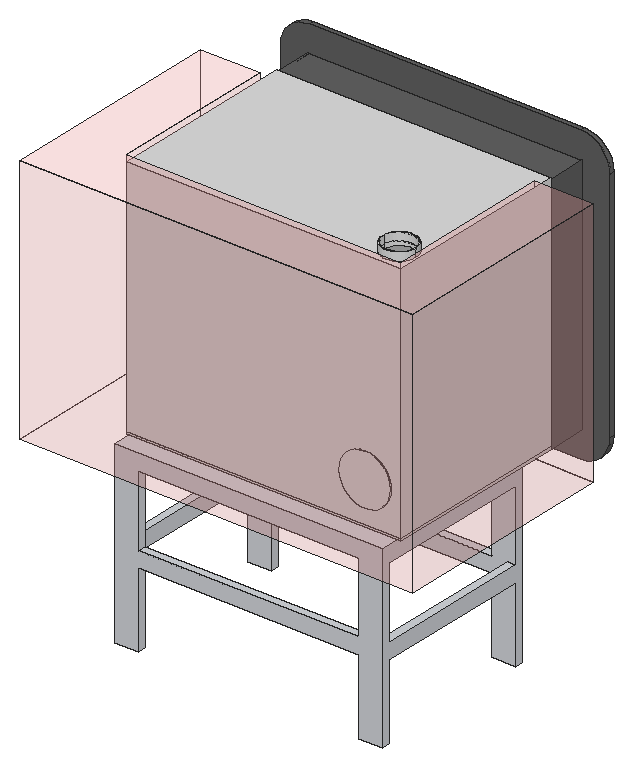
Revit family "FOGO MONTANHA-SQUARE D-GLASS DOOR-R19-V00", category Mechanical Equipment, host Wall, Revit 2019
Family settings
  Host = Wall
  Round Connector Dimension = Use Diameter
  Part Type = Normal
  OmniClass Number = 23.19.17.00
  Always vertical = Yes
  Cut with Voids When Loaded = No
  Shared = No
  Room Calculation Point = No
Parameters (values of type "Glass Door-4 Sided Black Steel Frame 74mm Rounded Corners")
  r_SmallDuct_Top = Diameter / 2  # 50 mm
  r_CentralDuct_Top = F / 2  # 40 mm
  r_Duct_back = 65 mm
  V = 189
  Support Table [instance] = yes
  Pu = 6.6
  Power = 8.3 kW
  Pn = 8.3
  P = 114
  Glass = Fogo Montanha-Glass
  Frame Type = FOGO MONTANHA-SQUARE D-FRAME : 4 Sides-74mm-Black Steel Rounded Corners
  Electrical Power = 106 W
  Electric tension = 230 V
  Efficiency at nominal power = "90%"
  Door_Offset_Top = 90 mm  # constant formula
  Door_Glass_Offset = 156.5 mm  # constant formula
  Diameter = 100 mm
  Dark Glass = Fogo Montanha-Dark Glass
  URL = "https:\\\\welcome.fogo-montanha.com/pesquisar/PA2016N047"
  Door_Position = 5 mm  # constant formula
  Door = Fogo Montanha-Black Steel
  Offset_Door-Frame = 5 mm
  Model = "Square D"  # constant formula
  Manufacturer URL = "www.fogo-montanha.com"
  Manufacturer = "Fogo Montanha"  # constant formula
  Height from Level [instance] = 450 mm
  Version = "v00"  # constant formula
  Uniformat II Description = "Heat Generating Systems"  # constant formula
  Uniformat II Code = "D3020"  # constant formula
  Uniclass 2015 Name = "Space heaters"  # constant formula
  Uniclass 2015 Code = "TE_70_10_20_80"  # constant formula
  Uniclass 2.0 Description = "Space Heating And Cooling Products"  # constant formula
  Uniclass 2.0 Code = "PR-70-60-36-74"  # constant formula
  Uniclass 1.4 Description = "Fireplaces"  # constant formula
  Uniclass 1.4 Code = "L828"  # constant formula
  UNSPSC Description = "Space Heaters"  # constant formula
  UNSPSC Code = "40101819"  # constant formula
  Reference = "PA2019P047"
  Publication date = "08/2022"  # constant formula
  Number of Poles = 1
  NBS Reference Description = "Room Heaters"  # constant formula
  NBS Reference Code = "60-36-74"  # constant formula
  Masterformat 2014 Description = "Fireplaces and Stoves"  # constant formula
  Masterformat 2014 Code = "10 30 00"  # constant formula
  K = B + 10 mm  # 611 mm
  J = A + 5 mm  # 693 mm
  IfcExportType = "IfcSpaceHeaterType"  # constant formula
  IfcExportAs = "IfcSpaceHeater"  # constant formula
  G = 517 mm
  F = 80 mm
  Offset_Duct_Back = 90 mm
  Clearance Zone Visible [instance] = yes
  Clearance Zone = 150 mm
  Cl = 2.8
  CO2 = 8.6
  CO 13% O2 = 0.01
  Aux_Duct_Top = 120 mm
  Det_Door = -1 mm
  Description = "Os inseríveis a pellets oferecem-lhe toda a comodidade de uma solução de aquecimento moderna, integrando a mais recente tecnologia. Com controlo remoto incluído, possibilidade de controlo através de smartphone, opções de aros de acabamento, display programável e porta com sistema de limpeza. Uma combustão perfeita."  # constant formula
  D = 573 mm
  Body = Fogo Montanha-Steel Galvanized
  Base_Offset [instance] = if(and(Height from Level < 300 mm, Support Table), 300 mm, if(and(Height from Level > 545 mm, Support Table), 545 mm, Height from Level))  # 450 mm
  E = B  # 601 mm
  C = A  # 688 mm
  BIM Modeler URL = "www.stratbim.com"
  BIM Modeler = "StratBIM"
  B = 601 mm
  Assembly Code = "D3020"
  A = 688 mm
Types (5, lengths in mm): name | Frame Type
  Glass Door-4 Sided Black Steel Frame 74mm Rounded Corners | FOGO MONTANHA-SQUARE D-FRAME : 4 Sides-74mm-Black Steel Rounded Corners
  Glass Door-4 Sided Black Steel Frame 44mm | FOGO MONTANHA-SQUARE D-FRAME : 4 Sides-44mm-Black Steel
  Glass Door-3 Sided Black Steel Frame 44mm | FOGO MONTANHA-SQUARE D-FRAME : 3 Sides-44mm-Black Steel
  Glass Door-4 Sided Glass Frame 50mm | FOGO MONTANHA-SQUARE D-FRAME : 4 Sides-50mm-Glass
  Glass Door-4 Sided Glass Frame 74mm Rounded Corners | FOGO MONTANHA-SQUARE D-FRAME : 4 Sides-74mm-Glass Rounded Corners
Reference planes
  plane 1 "Wall": y = 0
  plane 2 "Center (Left/Right)": x = 0
  plane 3 "Front": y = 75
  plane 4 "2": x = 344
  plane 5 "3": x = -344
  plane 6 "4": x = -344
  plane 7 "5": x = 344
  plane 8 "6": x = -346.5
  plane 9 "7": x = 346.5
  plane 10 "K'": z = 1061
  plane 11 "K": z = 450
  plane 12: y = -200
  plane 13: y = -498
  plane 14 "8": x = -50
  plane 15 "9": x = 50
  plane 16 "10": x = 256.5
  plane 17: z = 755.5
  plane 18 "B'": z = 1056
  plane 19 "B": z = 455
  plane 20 "E'": z = 1056
  plane 21 "E": z = 455
  plane 22 "L": z = 558.7
  plane 23: y = -46
  plane 24 "M": x = -226.5
  plane 25 "M'": x = 226.5
  plane 26: z = 462
  plane 27 "S": x = -341.5
  plane 28 "T": x = 341.5
  plane 29 "U": x = 336.5
  plane 30 "V": x = -336.5
  plane 31: z = 946
  plane 32: z = 463.5
  plane 33: z = 620
  plane 34: z = 856
  plane 35 "W": x = 180
  plane 36 "X": x = -180
  plane 37: y = -448
  plane 38 "Y": x = 100
  plane 39 "AA": x = -100
  plane 40: y = 87
  plane 41 "BB": z = 1081
  plane 42 "Origin": z = 0
  plane 43: y = -25
  plane 44: z = 956
  plane 45: y = 65
  plane 46: y = 55
  plane 47: y = -442
  plane 48 "DD": x = 297.5
Forms (mm)
  Extrusion 1, solid, material "Fogo Montanha-Steel Galvanized" <- "Body", detail levels coarse
    sketch origin (0, 75, 0) x (1, 0, 0) y (0, 0, 1)
      loop
        line (346.5, 455) -> (346.5, 1056) -> (-346.5, 1056) -> (-346.5, 455) -> (346.5, 455)
    from 0 to 573
  Extrusion 2, solid, material "Fogo Montanha-Steel Galvanized" <- "Body", detail levels medium+fine
    sketch origin (-346.5, 0, 0) x (0, 1, 0) y (0, 0, 1)
      loop
        line (-25, 455) -> (-25, 1056) -> (-200, 1056) -> (-498, 1056) -> (-498, 455) -> (-25, 455)
    from 0 to 2.5
  Extrusion 3, solid, material "Fogo Montanha-Steel Galvanized" <- "Body", detail levels medium+fine
    sketch origin (346.5, 30, 0) x (0, 1, 0) y (0, 0, -1)
      loop
        line (-55, -455) -> (-528, -455) -> (-528, -1056) -> (-230, -1056) -> (-55, -1056) -> (-55, -455)
    from 0 to 2.5
  Extrusion 4, solid, material "Fogo Montanha-Steel Galvanized" <- "Body", detail levels medium+fine
    sketch origin (1420, -498, 1200) x (1, 0, 0) y (0, 0, 1)
      loop
        line (-1076, -745) -> (-1076, -144) -> (-1764, -144) -> (-1764, -745) -> (-1076, -745)
    from 0 to -8
  Extrusion 5, solid, material "Fogo Montanha-Steel Galvanized" <- "Body", detail levels medium+fine
    sketch origin (2348.699, 225, 1056) x (1, 0, 0) y (0, 1, 0)
      loop
        line (-2695.199, -250) -> (-2695.199, -723) -> (-2002.199, -723) -> (-2002.199, -250) -> (-2695.199, -250)
      loop
        circle (-2051.199, -667) r 40
    from 10 to 0
  Extrusion 6, solid, material "Fogo Montanha-Steel Galvanized" <- "Body", detail levels medium+fine
    sketch origin (2348.699, 225, 455) x (1, 0, 0) y (0, 1, 0)
      loop
        line (-2695.199, -250) -> (-2695.199, -723) -> (-2002.199, -723) -> (-2002.199, -250) -> (-2695.199, -250)
    from -5 to 0
  Extrusion 7, solid, material "Fogo Montanha-Steel Galvanized" <- "Body", detail levels medium+fine
    sketch origin (1420, -498, 1200) x (1, 0, 0) y (0, 0, 1)
      loop
        circle (-1163.5, -641.3) r 65
    from 0 to 1
  Extrusion 8, solid, material "Fogo Montanha-Dark Glass" <- "Dark Glass", detail levels medium+fine
    sketch origin (0, 75, 0) x (1, 0, 0) y (0, 0, 1)
      loop
        line (336.5, 463.5) -> (336.5, 946) -> (-336.5, 946) -> (-336.5, 463.5) -> (336.5, 463.5)
      loop
        line (180, 620) -> (180, 856) -> (-180, 856) -> (-180, 620) -> (180, 620)
    from 0 to -0.8
  Extrusion 9, solid, material "Fogo Montanha-Vermiculite", detail levels medium+fine
    sketch origin (-226.5, 0, 0) x (0, 1, 0) y (0, 0, 1)
      loop
        line (0, 463.5) -> (0, 856) -> (-200, 856) -> (-448, 755.5) -> (-448, 463.5) -> (0, 463.5)
    from 0 to -8.5
  Extrusion 10, solid, material "Fogo Montanha-Vermiculite", detail levels medium+fine
    sketch origin (226.5, 0, 0) x (0, 1, 0) y (0, 0, -1)
      loop
        line (0, -463.5) -> (-448, -463.5) -> (-448, -755.5) -> (-200, -856) -> (0, -856) -> (0, -463.5)
    from 0 to -8.5
  Extrusion 11, solid, material "Fogo Montanha-Vermiculite", detail levels medium+fine
    sketch origin (1420, -448, 1200) x (1, 0, 0) y (0, 0, 1)
      loop
        line (-1193.5, -736.5) -> (-1193.5, -444.5) -> (-1655, -444.5) -> (-1655, -736.5) -> (-1193.5, -736.5)
    from 0 to -8.5
  Extrusion 12, solid, material "Fogo Montanha-Vermiculite", detail levels medium+fine
    sketch origin (0, 0, 0) x (0, 1, 0) y (0, 0, 1)
      loop
        line (-200, 856) -> (-448, 755.5) -> (-437.009, 755.5) -> (-200, 842.592) -> (-200, 856)
    from -226.5 to 226.5
  Extrusion 13, solid, material "Fogo Montanha-Vermiculite", detail levels medium+fine
    sketch origin (2348.699, 225, 463.5) x (1, 0, 0) y (0, 1, 0)
      loop
        line (-2583.699, -225) -> (-2583.699, -673) -> (-2113.699, -673) -> (-2113.699, -225) -> (-2583.699, -225)
      loop
        line (-2248.699, -271) -> (-2448.699, -271) -> (-2448.699, -425) -> (-2248.699, -425) -> (-2248.699, -271)
    from 0 to 10
  Extrusion 14, solid, material "Fogo Montanha-Steel Galvanized", detail levels medium+fine
    sketch origin (2348.699, 225, 463.5) x (1, 0, 0) y (0, 1, 0)
      loop
        line (-2248.699, -271) -> (-2448.699, -271) -> (-2448.699, -425) -> (-2248.699, -425) -> (-2248.699, -271)
      loop
        line (-2435.699, -300) -> (-2361.699, -300)
        arc (-2361.699, -300) -> (-2359.578, -299.121) -> (-2358.699, -297) r 3
        line (-2358.699, -297) -> (-2358.699, -284)
        arc (-2358.699, -284) -> (-2359.578, -281.879) -> (-2361.699, -281) r 3
        line (-2361.699, -281) -> (-2435.699, -281)
        arc (-2435.699, -281) -> (-2437.82, -281.879) -> (-2438.699, -284) r 3
        line (-2438.699, -284) -> (-2438.699, -297)
        arc (-2438.699, -297) -> (-2437.82, -299.121) -> (-2435.699, -300) r 3
      loop
        arc (-2261.699, -300) -> (-2259.578, -299.121) -> (-2258.699, -297) r 3
        line (-2258.699, -297) -> (-2258.699, -284)
        arc (-2258.699, -284) -> (-2259.578, -281.879) -> (-2261.699, -281) r 3
        line (-2261.699, -281) -> (-2335.699, -281)
        arc (-2335.699, -281) -> (-2337.82, -281.879) -> (-2338.699, -284) r 3
        line (-2338.699, -284) -> (-2338.699, -297)
        arc (-2338.699, -297) -> (-2337.82, -299.121) -> (-2335.699, -300) r 3
        line (-2335.699, -300) -> (-2261.699, -300)
      loop
        line (-2435.699, -329) -> (-2361.699, -329)
        arc (-2361.699, -329) -> (-2359.578, -328.121) -> (-2358.699, -326) r 3
        line (-2358.699, -326) -> (-2358.699, -313)
        arc (-2358.699, -313) -> (-2359.578, -310.879) -> (-2361.699, -310) r 3
        line (-2361.699, -310) -> (-2435.699, -310)
        arc (-2435.699, -310) -> (-2437.82, -310.879) -> (-2438.699, -313) r 3
        line (-2438.699, -313) -> (-2438.699, -326)
        arc (-2438.699, -326) -> (-2437.82, -328.121) -> (-2435.699, -329) r 3
      loop
        arc (-2261.699, -329) -> (-2259.578, -328.121) -> (-2258.699, -326) r 3
        line (-2258.699, -326) -> (-2258.699, -313)
        arc (-2258.699, -313) -> (-2259.578, -310.879) -> (-2261.699, -310) r 3
        line (-2261.699, -310) -> (-2335.699, -310)
        arc (-2335.699, -310) -> (-2337.82, -310.879) -> (-2338.699, -313) r 3
        line (-2338.699, -313) -> (-2338.699, -326)
        arc (-2338.699, -326) -> (-2337.82, -328.121) -> (-2335.699, -329) r 3
        line (-2335.699, -329) -> (-2261.699, -329)
      loop
        line (-2435.699, -358) -> (-2361.699, -358)
        arc (-2361.699, -358) -> (-2359.578, -357.121) -> (-2358.699, -355) r 3
        line (-2358.699, -355) -> (-2358.699, -342)
        arc (-2358.699, -342) -> (-2359.578, -339.879) -> (-2361.699, -339) r 3
        line (-2361.699, -339) -> (-2435.699, -339)
        arc (-2435.699, -339) -> (-2437.82, -339.879) -> (-2438.699, -342) r 3
        line (-2438.699, -342) -> (-2438.699, -355)
        arc (-2438.699, -355) -> (-2437.82, -357.121) -> (-2435.699, -358) r 3
      loop
        arc (-2261.699, -358) -> (-2259.578, -357.121) -> (-2258.699, -355) r 3
        line (-2258.699, -355) -> (-2258.699, -342)
        arc (-2258.699, -342) -> (-2259.578, -339.879) -> (-2261.699, -339) r 3
        line (-2261.699, -339) -> (-2335.699, -339)
        arc (-2335.699, -339) -> (-2337.82, -339.879) -> (-2338.699, -342) r 3
        line (-2338.699, -342) -> (-2338.699, -355)
        arc (-2338.699, -355) -> (-2337.82, -357.121) -> (-2335.699, -358) r 3
        line (-2335.699, -358) -> (-2261.699, -358)
      loop
        line (-2435.699, -387) -> (-2361.699, -387)
        arc (-2361.699, -387) -> (-2359.578, -386.121) -> (-2358.699, -384) r 3
        line (-2358.699, -384) -> (-2358.699, -371)
        arc (-2358.699, -371) -> (-2359.578, -368.879) -> (-2361.699, -368) r 3
        line (-2361.699, -368) -> (-2435.699, -368)
        arc (-2435.699, -368) -> (-2437.82, -368.879) -> (-2438.699, -371) r 3
        line (-2438.699, -371) -> (-2438.699, -384)
        arc (-2438.699, -384) -> (-2437.82, -386.121) -> (-2435.699, -387) r 3
      loop
        arc (-2261.699, -387) -> (-2259.578, -386.121) -> (-2258.699, -384) r 3
        line (-2258.699, -384) -> (-2258.699, -371)
        arc (-2258.699, -371) -> (-2259.578, -368.879) -> (-2261.699, -368) r 3
        line (-2261.699, -368) -> (-2335.699, -368)
        arc (-2335.699, -368) -> (-2337.82, -368.879) -> (-2338.699, -371) r 3
        line (-2338.699, -371) -> (-2338.699, -384)
        arc (-2338.699, -384) -> (-2337.82, -386.121) -> (-2335.699, -387) r 3
        line (-2335.699, -387) -> (-2261.699, -387)
      loop
        line (-2435.699, -416) -> (-2361.699, -416)
        arc (-2361.699, -416) -> (-2359.578, -415.121) -> (-2358.699, -413) r 3
        line (-2358.699, -413) -> (-2358.699, -400)
        arc (-2358.699, -400) -> (-2359.578, -397.879) -> (-2361.699, -397) r 3
        line (-2361.699, -397) -> (-2435.699, -397)
        arc (-2435.699, -397) -> (-2437.82, -397.879) -> (-2438.699, -400) r 3
        line (-2438.699, -400) -> (-2438.699, -413)
        arc (-2438.699, -413) -> (-2437.82, -415.121) -> (-2435.699, -416) r 3
      loop
        arc (-2261.699, -416) -> (-2259.578, -415.121) -> (-2258.699, -413) r 3
        line (-2258.699, -413) -> (-2258.699, -400)
        arc (-2258.699, -400) -> (-2259.578, -397.879) -> (-2261.699, -397) r 3
        line (-2261.699, -397) -> (-2335.699, -397)
        arc (-2335.699, -397) -> (-2337.82, -397.879) -> (-2338.699, -400) r 3
        line (-2338.699, -400) -> (-2338.699, -413)
        arc (-2338.699, -413) -> (-2337.82, -415.121) -> (-2335.699, -416) r 3
        line (-2335.699, -416) -> (-2261.699, -416)
    from 0 to 10
  Extrusion 15, solid, material "Fogo Montanha-Black Steel" <- "Door", detail levels medium+fine
    sketch origin (0, 75, 0) x (1, 0, 0) y (0, 0, 1)
      loop
        line (336.5, 463.5) -> (336.5, 946) -> (-336.5, 946) -> (-336.5, 463.5) -> (-334.5, 463.5) -> (-334.5, 944) -> (334.5, 944) -> (334.5, 463.5) -> (336.5, 463.5)
    from 0 to 100
  Extrusion 16, solid, material "Fogo Montanha-Dark Glass", detail levels medium+fine
    sketch origin (1420, -25, 1200) x (1, 0, 0) y (0, 0, 1)
      loop
        line (-1083.5, -736.5) -> (-1083.5, -254) -> (-1756.5, -254) -> (-1756.5, -736.5) -> (-1083.5, -736.5)
      loop
        line (-1076, -745) -> (-1076, -141) -> (-1764, -141) -> (-1764, -745) -> (-1076, -745)
    from 0 to 10
  Extrusion 17, solid, material "Fogo Montanha-Black Steel", detail levels medium+fine
    sketch origin (0, 75, 0) x (1, 0, 0) y (0, 0, 1)
      loop
        line (336.5, 461.5) -> (336.5, 946) -> (-336.5, 946) -> (-336.5, 461.5) -> (336.5, 461.5)
      loop
        line (334.5, 463.5) -> (334.5, 944) -> (-334.5, 944) -> (-334.5, 463.5) -> (334.5, 463.5)
    from 0 to 100
  Extrusion 18, solid, material "Fogo Montanha-Black Steel"
    sketch origin (0, 75, 0) x (1, 0, 0) y (0, 0, 1)
      loop
        line (346, 450) -> (346, 1061) -> (-346, 1061) -> (-346, 450) -> (346, 450)
      loop
        line (344, 455) -> (344, 1059) -> (-344, 1059) -> (-344, 455) -> (344, 455)
    from 0 to 100
  Extrusion 19, solid, material "Fogo Montanha-Dark Glass", detail levels medium+fine
    sketch origin (0, 75, 0) x (1, 0, 0) y (0, 0, 1)
      loop
        line (336.5, 463.5) -> (336.5, 946) -> (-336.5, 946) -> (-336.5, 463.5) -> (336.5, 463.5)
      loop
        line (-180, 620) -> (180, 620) -> (180, 856) -> (-180, 856) -> (-180, 620)
    from 0 to 2
  Extrusion 20, solid, material "Fogo Montanha-Glass" <- "Glass", detail levels medium+fine
    sketch origin (0, 75, 0) x (1, 0, 0) y (0, 0, 1)
      loop
        line (180, 620) -> (180, 856) -> (-180, 856) -> (-180, 620) -> (180, 620)
    from 0 to 2
  Sweep 21, solid, material "Fogo Montanha-Steel Galvanized", detail levels medium+fine
    path origin (0, 75, 0) x (1, 0, 0) y (0, 0, 1)
      loop
        line (336.5, 463.5) -> (336.5, 946) -> (-336.5, 946) -> (-336.5, 463.5) -> (336.5, 463.5)
    profile origin (336.5, 75, 704.75) x (-1, 0, 0) y (0, -1, 0)
      loop
        line (9, 0) -> (0, 0) -> (0, 2) -> (-1, 2) -> (-1, -1) -> (9, -1) -> (9, 0)
  Extrusion 22, solid, material "Fogo Montanha-Dark Glass", detail levels medium+fine
    sketch origin (0, 0, 0) x (0, 1, 0) y (0, 0, 1)
      loop
        line (55, 1056) -> (55, 956) -> (65, 956) -> (65, 966) -> (75, 966) -> (75, 968) -> (65, 968) -> (65, 976) -> (75, 976) -> (75, 978) -> (65, 978) -> (65, 986) -> (75, 986) -> (75, 988) -> (65, 988) -> (65, 996) -> (75, 996) -> (75, 998) -> (65, 998) -> (65, 1006) -> (75, 1006) -> (75, 1008) -> (65, 1008) -> (65, 1016) -> (75, 1016) -> (75, 1018) -> (65, 1018) -> (65, 1026) -> (75, 1026) -> (75, 1028) -> (65, 1028) -> (65, 1036) -> (75, 1036) -> (75, 1038) -> (65, 1038) -> (65, 1046) -> (75, 1046) -> (75, 1048) -> (65, 1048) -> (65, 1056) -> (55, 1056)
    from -336.5 to 336.5
  Extrusion 23, solid, material "Fogo Montanha-Black Steel", detail levels medium+fine
    sketch origin (-5000, 0, 0) x (1, 0, 0) y (0, 0, 1)
      loop
        line (5336.5, 463.5) -> (5336.5, 946) -> (4663.5, 946) -> (4663.5, 463.5) -> (5336.5, 463.5)
      loop
        line (5180, 620) -> (5180, 856) -> (4820, 856) -> (4820, 620) -> (5180, 620)
    from 0 to -0.8
  Extrusion 24, solid, visible <- "Clearance Zone Visible"
    sketch origin (2348.699, 225, 0) x (1, 0, 0) y (0, 1, 0)
      loop
        line (-2845.199, -300) -> (-2845.199, -873) -> (-1852.199, -873) -> (-1852.199, -300) -> (-2002.199, -300) -> (-2002.199, -723) -> (-2695.199, -723) -> (-2695.199, -300) -> (-2845.199, -300)
    from 450 to 1081
  Extrusion 25, solid, material "Fogo Montanha-Steel", detail levels medium+fine
    sketch origin (0, -2690.487, 779.423) x (0, 1, 0) y (0, 0, 1)
      loop
        line (2606.87, 76.577) -> (2635.87, 105.577) -> (2635.87, 113.577) -> (2633.87, 113.577) -> (2633.87, 106.405) -> (2606.041, 78.577) -> (2502.406, 78.577) -> (2482.406, 90.124) -> (2431.87, 90.124) -> (2431.87, 88.124) -> (2481.87, 88.124) -> (2501.87, 76.577) -> (2606.87, 76.577)
    from -150 to 150
  Extrusion 26, solid, material "Fogo Montanha-Steel Galvanized" <- "Body"
    sketch origin (2348.699, 225, 1056) x (1, 0, 0) y (0, 1, 0)
      loop
        circle (-2051.199, -667) r 40
      loop
        circle (-2051.199, -667) r 42
    from 10 to 30
Cuts and joins
  joined: Extrusion 9, Extrusion 10, Extrusion 12, Extrusion 13
  joined: Extrusion 2, Extrusion 3, Extrusion 4, Extrusion 5
Lines and regions (mm)
  Opening 1
    outline origin (-5000, -75, 0) x (1, 0, 0) y (0, 0, 1)
      loop
        line (4653.5, 450) -> (5346.5, 450) -> (5346.5, 1061) -> (4653.5, 1061) -> (4653.5, 450)
  reference lines
    curve 1: circle (256.5, 75, 558.7) r 65 normal (0, -1, 0)
    curve 2: circle (-226.5, -46, 1056) r 50 normal (0, 0, 1)
    curve 3: circle (226.5, -46, 1056) r 50 normal (0, 0, 1)
Text (mm)
  text "Placement side" at (-1304.494, 278.82, 0), in view "Ref. Level"
  text "Placement side" at (0, 1334.055, 2976.191), in view "Left"
  text "Placement side" at (0, 439.194, 2944.362), in view "Right"
Dimensions and locks
  locked: plane 3 "Front" to host wall at 0
  "C": plane 4 "2" to plane 5 "3"
  equal spacing: plane 4 "2", plane 2 "Center (Left/Right)", plane 5 "3"
  equal spacing: plane 7 "5", plane 2 "Center (Left/Right)", plane 6 "4"
  "A": plane 7 "5" to plane 6 "4"
  equal spacing: plane 9 "7", plane 2 "Center (Left/Right)", plane 8 "6"
  "J": plane 8 "6" to plane 9 "7"
  "K": plane 11 "K" to plane 10 "K'"
  "Base_Offset": level to plane 11 "K"
  equal spacing: plane 14 "8", plane 2 "Center (Left/Right)", plane 15 "9"
  plane 14 "8" to plane 15 "9" = 100 mm
  equal spacing: plane 11 "K", plane 17, plane 10 "K'"
  equal spacing: plane 19 "B", plane 17, plane 18 "B'"
  "B": plane 19 "B" to plane 18 "B'"
  "Offset_Duct_Back": plane 9 "7" to plane 16 "10"
  locked: plane 11 "K" to plane 22 "L" at 108.7
  "Aux_Duct_Top": plane 8 "6" to plane 24 "M"
  "Aux_Duct_Top": plane 25 "M'" to plane 9 "7"
  "Offset_Door-Frame": plane 28 "T" to plane 29 "U"
  "Offset_Door-Frame": plane 30 "V" to plane 27 "S"
  "Door_Glass_Offset": plane 32 to plane 33
  "Door_Offset_Top": plane 34 to plane 31
  "Door_Glass_Offset": plane 29 "U" to plane 35 "W"
  "Door_Glass_Offset": plane 36 "X" to plane 30 "V"
  locked: plane 13 to plane 37 at 50
  locked: plane 3 "Front" to plane 40 at 12
  Extrusion 14 sketch curve to Extrusion 14 sketch curve to Extrusion 14 sketch curve to Extrusion 14 sketch curve to Extrusion 14 sketch curve to Extrusion 14 sketch curve = 10 mm locked, 80 mm locked, 20 mm locked, 80 mm locked, 10 mm locked
  Extrusion 14 sketch curve to Extrusion 14 sketch curve to Extrusion 14 sketch curve to Extrusion 14 sketch curve to Extrusion 14 sketch curve to Extrusion 14 sketch curve to Extrusion 14 sketch curve to Extrusion 14 sketch curve to Extrusion 14 sketch curve to Extrusion 14 sketch curve to Extrusion 14 sketch curve to Extrusion 14 sketch curve = 10 mm locked, 19 mm locked, 10 mm locked, 19 mm locked, 10 mm locked, 19 mm locked, 10 mm locked, 19 mm locked, 10 mm locked, 19 mm locked, 9 mm locked
  "Door_Position": plane 9 "7" to plane 28 "T"
  "Door_Position": plane 27 "S" to plane 8 "6"
  locked: plane 43 to plane 3 "Front" at 100
  locked: Extrusion 8 to Extrusion 15 at 2
  locked: Extrusion 15 to Extrusion 8 at 2  (x2)
  locked: Extrusion 17 sketch curve to Extrusion 8 at 2
  Extrusion 18 sketch curve to plane 10 "K'" = 2 mm
  locked: Extrusion 16 to Extrusion 18 sketch curve at 2
  locked: plane 6 "4" to Extrusion 18 sketch curve at 2
  locked: plane 10 "K'" to plane 41 "BB" at 20
  plane 3 "Front" to plane 45 to plane 46 = 10 mm locked, 10 mm locked
  "D": plane 3 "Front" to plane 13
  locked: plane 13 to plane 47 at 56
  locked: plane 48 "DD" to plane 9 "7" at 49
  "Clearance Zone": Extrusion 24 sketch curve to Extrusion 5  (x2)
  "Clearance Zone": Extrusion 5 to Extrusion 24 sketch curve
  locked: Extrusion 25 sketch curve to plane 34 at 2
  locked: Extrusion 25 sketch curve to plane 34 at 11.547
  locked: Extrusion 25 sketch curve to Extrusion 25 sketch curve at 2
  locked: Extrusion 25 sketch curve to plane 34 at 37
  locked: plane 44 to plane 20 "E'" at 100
  locked: plane 20 "E'" to plane 10 "K'" at 5
  locked: plane 31 to plane 44 at 10
  plane 11 "K" to plane 21 "E" to plane 26 to plane 32 to plane 22 "L" to plane 33 = 5 mm, 7 mm, 1.5 mm, 95.2 mm, 61.3 mm
  locked: plane 23 to plane 43 at 21
  locked: plane 12 to plane 23 at 154
  locked: plane 43 to plane 1 "Wall" at 25
  plane 40 to Extrusion 23 to Extrusion 23 = 86.2 mm locked, 0.8 mm locked
  "r_Duct_back": radius of curve 1
  "r_SmallDuct_Top": radius of curve 3
  "r_SmallDuct_Top": radius of curve 2
  aligned and locked: plane 8 "6" to Opening 1 sketch curve
  aligned and locked: Opening 1 sketch curve to plane 9 "7"
  aligned and locked: plane 10 "K'" to Opening 1 sketch curve
  aligned and locked: plane 11 "K" to Opening 1 sketch curve
  aligned and locked: plane 19 "B" to Extrusion 1 sketch curve
  aligned and locked: plane 8 "6" to Extrusion 1 sketch curve
  aligned and locked: Extrusion 1 sketch curve to plane 9 "7"
  aligned and locked: plane 18 "B'" to Extrusion 1 sketch curve
  aligned and locked: plane 13 to Extrusion 1
  aligned and locked: plane 19 "B" to Extrusion 2 sketch curve
  aligned and locked: plane 18 "B'" to Extrusion 2 sketch curve
  aligned and locked: plane 13 to Extrusion 2 sketch curve
  aligned and locked: Extrusion 3 sketch curve to plane 18 "B'"
  aligned and locked: Extrusion 3 sketch curve to plane 13
  aligned and locked: Extrusion 3 sketch curve to plane 19 "B"
  aligned and locked: plane 4 "2" to Extrusion 4 sketch curve
  aligned and locked: plane 5 "3" to Extrusion 4 sketch curve
  aligned and locked: plane 21 "E" to Extrusion 4 sketch curve
  aligned and locked: plane 20 "E'" to Extrusion 4 sketch curve
  aligned and locked: plane 5 "3" to Extrusion 2
  aligned and locked: Extrusion 3 to plane 4 "2"
  aligned and locked: Extrusion 5 sketch curve to plane 8 "6"
  aligned and locked: plane 9 "7" to Extrusion 5 sketch curve
  aligned and locked: Extrusion 5 sketch curve to plane 13
  aligned and locked: plane 9 "7" to Extrusion 6 sketch curve
  aligned and locked: Extrusion 6 sketch curve to plane 8 "6"
  aligned and locked: Extrusion 6 sketch curve to plane 13
  aligned and locked: Extrusion 7 sketch curve to curve 1
  aligned and locked: plane 24 "M" to curve 2
  aligned and locked: plane 23 to curve 2
  aligned and locked: plane 23 to curve 3
  aligned and locked: plane 25 "M'" to curve 3
  aligned and locked: plane 32 to Extrusion 8 sketch curve
  aligned and locked: Extrusion 8 sketch curve to plane 29 "U"
  aligned and locked: Extrusion 8 sketch curve to plane 31
  aligned and locked: plane 30 "V" to Extrusion 8 sketch curve
  aligned and locked: Extrusion 9 to plane 32
  aligned and locked: plane 34 to Extrusion 9 sketch curve
  aligned and locked: plane 12 to Extrusion 9 sketch curve
  aligned and locked: Extrusion 9 to Extrusion 11  (x2)
  aligned and locked: Extrusion 10 sketch curve to Extrusion 11
  aligned and locked: Extrusion 9 sketch curve to plane 37
  aligned and locked: plane 17 to Extrusion 11
  aligned and locked: plane 17 to Extrusion 9 sketch curve
  aligned and locked: plane 17 to Extrusion 10 sketch curve
  aligned and locked: Extrusion 12 sketch curve to Extrusion 9
  aligned and locked: plane 17 to Extrusion 12 sketch curve
  aligned and locked: plane 12 to Extrusion 12 sketch curve
  aligned and locked: Extrusion 13 sketch curve to plane 37
  aligned and locked: plane 12 to Extrusion 13 sketch curve
  aligned and locked: Extrusion 13 sketch curve to plane 23
  aligned and locked: Extrusion 13 sketch curve to plane 39 "AA"
  aligned and locked: plane 38 "Y" to Extrusion 13 sketch curve
  aligned and locked: Extrusion 14 sketch curve to plane 38 "Y"
  aligned and locked: Extrusion 14 sketch curve to plane 23
  aligned and locked: Extrusion 14 to plane 32
  aligned and locked: Extrusion 14 sketch curve to Extrusion 14 sketch curve  (x26)
  aligned and locked: nested 1 to plane 2 "Center (Left/Right)"
  aligned and locked: level to plane 42 "Origin"
  aligned and locked: Extrusion 10 sketch curve to plane 1 "Wall"
  aligned and locked: plane 43 to Extrusion 3 sketch curve
  aligned and locked: Extrusion 2 sketch curve to plane 43
  aligned and locked: plane 29 "U" to Extrusion 15 sketch curve
  aligned and locked: plane 31 to Extrusion 15 sketch curve
  aligned and locked: plane 30 "V" to Extrusion 15 sketch curve
  aligned and locked: Extrusion 15 sketch curve to plane 32
  aligned and locked: plane 32 to Extrusion 15 sketch curve
  aligned and locked: plane 43 to Extrusion 15
  aligned and locked: Extrusion 6 to plane 11 "K"
  aligned and locked: nested 1 to plane 17
  aligned and locked: Extrusion 18 sketch curve to plane 7 "5"
  aligned and locked: plane 6 "4" to Extrusion 18 sketch curve
  aligned and locked: plane 31 to Extrusion 19 sketch curve
  aligned and locked: Extrusion 19 sketch curve to plane 30 "V"
  aligned and locked: plane 29 "U" to Extrusion 19 sketch curve
  aligned and locked: Extrusion 19 sketch curve to plane 32
  aligned and locked: Extrusion 6 to Extrusion 2
  aligned and locked: Extrusion 18 sketch curve to plane 11 "K"
  aligned and locked: Extrusion 18 sketch curve to plane 21 "E"
  aligned and locked: Extrusion 16 sketch curve to plane 21 "E"
  aligned and locked: plane 35 "W" to Extrusion 8 sketch curve
  aligned and locked: plane 34 to Extrusion 8 sketch curve
  aligned and locked: plane 36 "X" to Extrusion 8 sketch curve
  aligned and locked: plane 33 to Extrusion 8 sketch curve
  aligned and locked: plane 35 "W" to Extrusion 20 sketch curve
  aligned and locked: plane 34 to Extrusion 20 sketch curve
  aligned and locked: plane 33 to Extrusion 20 sketch curve
  aligned and locked: plane 36 "X" to Extrusion 20 sketch curve
  aligned and locked: plane 29 "U" to Sweep 21 sketch curve
  aligned and locked: plane 31 to Sweep 21 sketch curve
  aligned and locked: plane 30 "V" to Sweep 21 sketch curve
  aligned and locked: plane 32 to Sweep 21 sketch curve
  aligned and locked: plane 46 to Extrusion 22 sketch curve
  aligned and locked: host wall to Extrusion 22 sketch curve
  aligned and locked: plane 20 "E'" to Extrusion 22 sketch curve
  aligned and locked: plane 44 to Extrusion 22 sketch curve
  aligned and locked: plane 45 to Extrusion 22 sketch curve
  aligned and locked: plane 29 "U" to Extrusion 22
  aligned and locked: Extrusion 22 to plane 30 "V"
  aligned and locked: plane 33 to Extrusion 19 sketch curve
  aligned and locked: Extrusion 9 sketch curve to Extrusion 10
  aligned and locked: plane 48 "DD" to Extrusion 5 sketch curve
  aligned and locked: plane 47 to Extrusion 5 sketch curve
  aligned and locked: Extrusion 24 sketch curve to plane 9 "7"
  aligned and locked: Extrusion 24 sketch curve to plane 8 "6"
  aligned and locked: plane 13 to Extrusion 24 sketch curve
  aligned and locked: plane 41 "BB" to Extrusion 24
  aligned and locked: Extrusion 24 to plane 11 "K"
  aligned and locked: host wall to Extrusion 24 sketch curve  (x2)
  aligned and locked: Extrusion 12 to plane 24 "M"
  aligned and locked: Extrusion 12 to plane 25 "M'"
  aligned and locked: cut or joined group of Extrusion 9, Extrusion 10, Extrusion 12, Extrusion 13 to cut or joined group of Extrusion 9, Extrusion 10, Extrusion 12, Extrusion 13
  aligned and locked: Extrusion 25 sketch curve to plane 34
  aligned and locked: cut or joined group of Extrusion 2, Extrusion 3, Extrusion 4, Extrusion 5 to cut or joined group of Extrusion 2, Extrusion 3, Extrusion 4, Extrusion 5
  aligned and locked: plane 48 "DD" to Extrusion 26 sketch curve
  aligned and locked: plane 47 to Extrusion 26 sketch curve
  aligned and locked: nested 2 to plane 2 "Center (Left/Right)"
  aligned and locked: nested 2 to host wall
Automatic sketch dimensions
  Extrusion 2 sketch curve to plane 12 = 0 mm
  Extrusion 3 sketch curve to plane 12 = 0 mm
  Extrusion 14 sketch curve to Extrusion 14 sketch curve = 3 mm  (x40)
  Extrusion 19 sketch curve to plane 34 = 0 mm
  Extrusion 19 sketch curve to plane 36 "X" = 0 mm
  Extrusion 19 sketch curve to plane 35 "W" = 0 mm
  Extrusion 22 sketch curve to plane 45 = 0 mm  (x9)
  Extrusion 22 sketch curve to host wall = 0 mm  (x8)
  Extrusion 22 sketch curve to Extrusion 22 sketch curve = 10 mm
  Extrusion 22 sketch curve to Extrusion 22 sketch curve = 2 mm  (x9)
  Extrusion 22 sketch curve to Extrusion 22 sketch curve = 8 mm  (x8)
  Extrusion 5 sketch curve to host wall = 100 mm
  plane 43 to Extrusion 6 sketch curve = 0 mm
  Extrusion 9 sketch curve to plane 32 = 0 mm
  Extrusion 10 sketch curve to plane 12 = 0 mm
  Extrusion 10 sketch curve to plane 32 = 0 mm
  Extrusion 10 sketch curve to plane 34 = 0 mm
  Extrusion 11 sketch curve to plane 32 = 0 mm
  Extrusion 11 sketch curve to plane 17 = 0 mm
  plane 25 "M'" to Extrusion 11 sketch curve = 0 mm
  Extrusion 11 sketch curve to plane 24 "M" = 8.5 mm
  Extrusion 12 sketch curve to plane 47 = 4.991 mm
  Extrusion 12 sketch curve to plane 34 = 13.408 mm
  host wall to Extrusion 13 sketch curve = 0 mm
  Extrusion 13 sketch curve to plane 24 "M" = 8.5 mm
  Extrusion 13 sketch curve to plane 25 "M'" = 8.5 mm
  plane 30 "V" to Extrusion 15 sketch curve = 2 mm
  Extrusion 15 sketch curve to plane 29 "U" = 2 mm
  Extrusion 15 sketch curve to plane 31 = 2 mm
  Extrusion 16 sketch curve to plane 5 "3" = 0 mm
  Extrusion 16 sketch curve to plane 30 "V" = 0 mm
  Extrusion 16 sketch curve to plane 29 "U" = 0 mm
  Extrusion 16 sketch curve to plane 4 "2" = 0 mm
  Extrusion 16 sketch curve to plane 32 = 0 mm
  Extrusion 16 sketch curve to plane 31 = 0 mm
  plane 18 "B'" to Extrusion 16 sketch curve = 3 mm
  Extrusion 17 sketch curve to plane 30 "V" = 0 mm
  Extrusion 17 sketch curve to plane 32 = 0 mm
  Extrusion 17 sketch curve to plane 29 "U" = 0 mm
  Extrusion 17 sketch curve to plane 31 = 0 mm
  plane 30 "V" to Extrusion 17 sketch curve = 2 mm
  Extrusion 17 sketch curve to plane 29 "U" = 2 mm
  Extrusion 17 sketch curve to plane 31 = 2 mm
  plane 3 "Front" to Sweep 21 sketch curve = 0 mm
  Sweep 21 sketch curve to profile plane = 0 mm
  profile plane to Sweep 21 sketch curve = 1 mm
  Sweep 21 sketch curve to profile plane = 9 mm
  Sweep 21 sketch curve to plane 3 "Front" = 1 mm
  plane 3 "Front" to Sweep 21 sketch curve = 2 mm
  Extrusion 23 sketch curve to plane 30 "V" = 0 mm
  Extrusion 23 sketch curve to plane 34 = 0 mm
  Extrusion 23 sketch curve to plane 36 "X" = 0 mm
  Extrusion 23 sketch curve to plane 35 "W" = 0 mm
  Extrusion 23 sketch curve to plane 29 "U" = 0 mm
  Extrusion 23 sketch curve to plane 32 = 0 mm
  Extrusion 23 sketch curve to plane 33 = 0 mm
  Extrusion 23 sketch curve to plane 31 = 0 mm
  plane 40 to Extrusion 25 sketch curve = 345.617 mm
  Extrusion 25 sketch curve to Extrusion 25 sketch curve = 50 mm
  Extrusion 25 sketch curve to Extrusion 25 sketch curve = 0.536 mm  (x2)
  Extrusion 25 sketch curve to Extrusion 25 sketch curve = 20 mm
  Extrusion 25 sketch curve to Extrusion 25 sketch curve = 103.636 mm
  Extrusion 25 sketch curve to Extrusion 25 sketch curve = 0.828 mm  (x2)
  Extrusion 25 sketch curve to Extrusion 25 sketch curve = 27.828 mm
  Extrusion 25 sketch curve to Extrusion 25 sketch curve = 2 mm
  Extrusion 25 sketch curve to Extrusion 25 sketch curve = 7.172 mm
  Extrusion 18 sketch curve to plane 10 "K'" = 0 mm
  Extrusion 26 sketch curve to Extrusion 26 sketch curve = 0 mm  (x2)
  Extrusion 26 sketch curve to plane 16 "10" = 1 mm
  curve 1 to plane 16 "10" = 0 mm
  curve 1 to plane 22 "L" = 0 mm
  curve 2 to plane 24 "M" = 0 mm
  radius of Extrusion 5 sketch curve = 40 mm
  radius of Extrusion 26 sketch curve = 40 mm
Nested families
  nested 1: "FOGO MONTANHA-SQUARE D-FRAME" at (0, 75, 755.5) x (-1, 0, 0) z (0, 1, 0), type <- "Frame Type", type "4 Sides-74mm-Black Steel Rounded Corners"
  nested 2: "FOGO MONTANHA-SUPPORT TABLE-R19-V00" at (0, -75, 0) x (-1, 0, 0) z (0, 0, 1), visible <- "Support Table", H <- "Base_Offset", type "PA1090G027"
    with H 450 mm
Connectors
  electrical at (-346.5, -249.2, 815.6), driven by "Number of Poles", driven by "Electric tension", driven by "Electrical Power"
    settings: on Extrusion 2, index 3, voltage 230 V, apparent load 106 VA, apparent load phase1 0 VA, apparent load phase2 0 VA, apparent load phase3 0 VA, power factor 1, load classification "Other", number of poles 1, system type 30, power factor state 1, is connector primary yes, connector utility no, sub classification motor no, connector description ""
  hvac at (256.5, -498, 558.7), driven by "Diameter"
    settings: on Extrusion 7, index 4, duct flow 0.0 L/s, flow factor 0, pres drop 0.0 Pa, loss coef 0, conn angle 0.00°, conn width 304.8 mm, conn height 304.8 mm, conn diameter 100 mm, duct sys type 1, conn prof type 0, flow config 0, flow direction 1, loss method 0, conn ref index -1, conn util no, is conn primary yes, conn desc ""
  hvac at (297.5, -442, 1086)
    settings: on Extrusion 26, index 5, duct flow 0.0 L/s, flow factor 0, pres drop 0.0 Pa, loss coef 0, conn angle 0.00°, conn width 304.8 mm, conn height 304.8 mm, conn diameter 80 mm, duct sys type 3, conn prof type 0, flow config 0, flow direction 2, loss method 0, conn ref index -1, conn util no, is conn primary no, conn desc ""
Definition of nested family "FOGO MONTANHA-SQUARE D-FRAME"
  Parameters (values of type "4 SIDE GLASS - 74 mm")
    Width = 74 mm
    Uniformat II Description = "Other HVAC Systems & Equipment"
    Uniformat II Code = "D3090"
    Uniclass 2015 Name = "Fireplace Surrounds"
    Uniclass 2015 Code = "PR_70_60_80_32"
    URL = "https://www.fogo-montanha.com/pt"
    UNSPSC Code = "40101819"
    Reference = "MO2070P102"
    Model = "Square D"  # constant formula
    Material = none
    Thickness = 12 mm
    Masterformat 2014 Description = "Fireplace Specialties"
    Masterformat 2014 Code = "10 32 00"
    Manufacturer = "Fogo Montanha"  # constant formula
    Default Elevation = 0 mm  # constant formula
    B = 596 mm
    A = 685 mm
    4 sided - 74mm = yes
    4 sided = no
    3 sided = no
  Types (4, lengths in mm): name | Width | Reference | 4 sided - 74mm | 4 sided | 3 sided
    4 SIDE - 74 mm | 74 | "MO2070P100" | yes | no | no
    4 SIDE GLASS - 74 mm | 74 | "MO2070P102" | yes | no | no
    4 SIDE GLASS - 50 mm | 50 | "MO2070P098" | no | yes | no
    3 SIDE - 44 mm | 44 | "MO1160N023" | no | no | yes
  Reference planes
    plane 1 "Center (Front/Back)": y = 0
    plane 2: z = 0
    plane 3 "Center (Left/Right)": x = 0
    plane 4: y = 298
    plane 5: x = -342.5
    plane 6: y = -298
    plane 7: x = 342.5
    plane 8: x = -416.5
    plane 9: y = 372
    plane 10: x = 416.5
    plane 11: y = -372
    plane 12: x = -416.5
    plane 13: y = 372
    plane 14: x = 416.5
    plane 15: y = -372
    plane 16: y = -305.5
  Forms (mm)
    Extrusion 1, solid
      sketch origin (0, 0, 0) x (1, 0, 0) y (0, 1, 0)
        loop
          line (-1219.2, 1219.2) -> (-1219.2, -1219.2) -> (1219.2, -1219.2) -> (1219.2, 1219.2) -> (-1219.2, 1219.2)
      from 0 to -304.8
    Extrusion 2, solid, material <- "Material", visible <- "4 sided"
      sketch origin (0, 0, 0) x (1, 0, 0) y (0, 1, 0)
        loop
          line (-342.5, -298) -> (342.5, -298) -> (342.5, 298) -> (-342.5, 298) -> (-342.5, -298)
        loop
          line (-416.5, -372) -> (416.5, -372) -> (416.5, 372) -> (-416.5, 372) -> (-416.5, -372)
      from 0 to 12 <- "Thickness"
    Extrusion 3, solid, material <- "Material", visible <- "4 sided - 74mm"
      sketch origin (0, 0, 0) x (1, 0, 0) y (0, 1, 0)
        loop
          line (-342.5, 298) -> (-342.5, -298) -> (342.5, -298) -> (342.5, 298) -> (-342.5, 298)
        loop
          arc (416.5, 298) -> (394.826, 350.326) -> (342.5, 372) r 74
          line (342.5, 372) -> (-342.5, 372)
          arc (-342.5, 372) -> (-394.826, 350.326) -> (-416.5, 298) r 74
          line (-416.5, 298) -> (-416.5, -298)
          arc (-416.5, -298) -> (-394.826, -350.326) -> (-342.5, -372) r 74
          line (-342.5, -372) -> (342.5, -372)
          arc (342.5, -372) -> (394.826, -350.326) -> (416.5, -298) r 74
          line (416.5, -298) -> (416.5, 298)
      from 0 to 12 <- "Thickness"
    Extrusion 4, solid, material <- "Material", visible <- "3 sided"
      sketch origin (0, 0, 0) x (1, 0, 0) y (0, 1, 0)
        loop
          line (-416.5, 372) -> (-416.5, -305.5) -> (-342.5, -305.5) -> (-342.5, 298) -> (342.5, 298) -> (342.5, -305.5) -> (416.5, -305.5) -> (416.5, 372) -> (-416.5, 372)
      from 0 to 12 <- "Thickness"
  Dimensions and locks
    "A": plane 5 to plane 7
    equal spacing: plane 5, plane 3 "Center (Left/Right)", plane 7
    equal spacing: plane 6, plane 1 "Center (Front/Back)", plane 4
    "B": plane 4 to plane 6
    locked: plane 15 to plane 6 at 74
    locked: plane 13 to plane 4 at 74
    locked: plane 12 to plane 5 at 74
    locked: plane 7 to plane 14 at 74
    "Width": plane 11 to plane 6
    "Width": plane 9 to plane 4
    "Width": plane 7 to plane 10
    "Width": plane 8 to plane 5
    locked: plane 16 to plane 6 at 7.5
    aligned and locked: plane 2 to Extrusion 1
    aligned and locked: level to Extrusion 1
    aligned and locked: plane 6 to Extrusion 2 sketch curve
    aligned and locked: Extrusion 2 sketch curve to plane 5
    aligned and locked: plane 4 to Extrusion 2 sketch curve
    aligned and locked: Extrusion 2 sketch curve to plane 7
    aligned and locked: plane 11 to Extrusion 2 sketch curve
    aligned and locked: Extrusion 2 sketch curve to plane 8
    aligned and locked: plane 9 to Extrusion 2 sketch curve
    aligned and locked: Extrusion 2 sketch curve to plane 10
    aligned and locked: Extrusion 3 sketch curve to plane 5
    aligned and locked: plane 7 to Extrusion 3 sketch curve
    aligned and locked: plane 14 to Extrusion 3 sketch curve
    aligned and locked: Extrusion 3 sketch curve to plane 12
    aligned and locked: Extrusion 3 sketch curve to plane 13
    aligned and locked: Extrusion 3 sketch curve to plane 4
    aligned and locked: plane 6 to Extrusion 3 sketch curve
    aligned and locked: plane 15 to Extrusion 3 sketch curve
    aligned and locked: Extrusion 4 sketch curve to plane 8
    aligned and locked: Extrusion 4 sketch curve to plane 5
    aligned and locked: Extrusion 4 sketch curve to plane 9
    aligned and locked: Extrusion 4 sketch curve to plane 4
    aligned and locked: plane 7 to Extrusion 4 sketch curve
    aligned and locked: plane 10 to Extrusion 4 sketch curve
    aligned and locked: plane 16 to Extrusion 4 sketch curve  (x2)
  Automatic sketch dimensions
    Extrusion 1 sketch curve to Extrusion 1 sketch curve = 2438.4 mm  (x2)
    Extrusion 3 sketch curve to plane 5 = 0 mm
    Extrusion 3 sketch curve to plane 7 = 0 mm  (x2)
    Extrusion 3 sketch curve to plane 4 = 0 mm
Definition of nested family "FOGO MONTANHA-SUPPORT TABLE-R19-V00"
  Parameters (values of type "PA1090G049")
    URL = "https://fogo-montanha.com"
    Reference = "PA1090G049"
    P = 533 mm
    Model = "Support Table"  # constant formula
    Manufacturer = "Fogo Montanha"  # constant formula
    L = 677 mm
    H [instance] = 420 mm
    Description = "Mesa de suporte PA1090G049 compatível com os modelos Classic E601,Classic E701, Design E709, Design E609 e Design E609H."
  Types (4, lengths in mm): name | Reference | P | L | H | Description
    (no name) | "PA1090G049" | 533 | 677 | 420 | "Mesa de suporte PA1090G049 compatível com os modelos Classic E601,Classic E701, Design E709, Design E609 e Design E609H."
    PA1090G027 | "PA1090G027" | 470 | 677 | 300 | "Mesa de suporte PA1090G027 compatível com os modelos SQUARE D e SQUARE V."
    PA1090G049 | "PA1090G049" | 533 | 677 | 420 | "Mesa de suporte PA1090G049 compatível com os modelos Classic E601,Classic E701, Design E709, Design E609 e Design E609H."
    PA1090G051 | "PA1090G051" | 533 | 877 | 504 | "Mesa de suporte PA1090G051 compatível com os modelos Classic E901, Classic E801, Design E909 e Design E809."
  Reference planes
    plane 1 "Center (Front/Back)": y = 0
    plane 2: z = 0
    plane 3 "Center (Left/Right)": x = 0
    plane 4: x = -338.5
    plane 5: x = -318.5
    plane 6: x = -278.5
    plane 7: x = 278.5
    plane 8: x = 318.5
    plane 9: x = 338.5
    plane 10: y = 533
    plane 11: y = 513
    plane 12: y = 50
    plane 13: y = 30
    plane 14: z = 420
    plane 15: z = 380
    plane 16: z = 200
    plane 17: z = 160
  Forms (mm)
    Extrusion 1, solid
      sketch origin (0, 0, 0) x (1, 0, 0) y (0, 1, 0)
        loop
          line (-338.5, 533) -> (-338.5, 513) -> (-278.5, 513) -> (-278.5, 533) -> (-338.5, 533)
        loop
          line (-338.5, 30) -> (-278.5, 30) -> (-278.5, 50) -> (-338.5, 50) -> (-338.5, 30)
        loop
          line (278.5, 50) -> (278.5, 30) -> (338.5, 30) -> (338.5, 50) -> (278.5, 50)
        loop
          line (278.5, 533) -> (278.5, 513) -> (338.5, 513) -> (338.5, 533) -> (278.5, 533)
      from 0 to 380
    Extrusion 2, solid
      sketch origin (0, 0, 0) x (1, 0, 0) y (0, 1, 0)
        loop
          line (-338.5, 533) -> (-338.5, 30) -> (-278.5, 30) -> (-278.5, 0) -> (278.5, 0) -> (278.5, 30) -> (338.5, 30) -> (338.5, 533) -> (-338.5, 533)
      from 380 to 420
    Extrusion 3, solid
      sketch origin (0, 0, 0) x (1, 0, 0) y (0, 1, 0)
        loop
          line (338.5, 533) -> (-338.5, 533) -> (-338.5, 30) -> (338.5, 30) -> (338.5, 533)
        loop
          line (318.5, 513) -> (-318.5, 513) -> (-318.5, 50) -> (318.5, 50) -> (318.5, 513)
      from 160 to 200
  Cuts and joins
    joined: Extrusion 1, Extrusion 2, Extrusion 3
  Dimensions and locks
    locked: plane 4 to plane 5 at 20
    locked: plane 4 to plane 6 at 60
    locked: plane 7 to plane 9 at 60
    equal spacing: plane 4, plane 3 "Center (Left/Right)", plane 9
    "L": plane 4 to plane 9
    locked: plane 10 to plane 11 at 20
    locked: plane 12 to plane 13 at 20
    locked: plane 13 to plane 1 "Center (Front/Back)" at 30
    "P": plane 1 "Center (Front/Back)" to plane 10
    locked: plane 14 to plane 15 at 40
    locked: plane 15 to plane 16 at 180
    locked: plane 16 to plane 17 at 40
    "H": plane 14 to level
    locked: plane 8 to plane 9 at 20
    aligned and locked: level to plane 2
    aligned and locked: Extrusion 1 sketch curve to plane 10  (x2)
    aligned and locked: Extrusion 1 sketch curve to plane 11  (x2)
    aligned and locked: Extrusion 1 sketch curve to plane 6  (x2)
    aligned and locked: Extrusion 1 sketch curve to plane 4  (x2)
    aligned and locked: Extrusion 1 sketch curve to plane 13  (x2)
    aligned and locked: Extrusion 1 sketch curve to plane 12  (x2)
    aligned and locked: Extrusion 1 sketch curve to plane 9  (x2)
    aligned and locked: Extrusion 1 sketch curve to plane 7  (x2)
    aligned and locked: plane 15 to Extrusion 1
    aligned and locked: Extrusion 2 sketch curve to plane 10
    aligned and locked: Extrusion 2 sketch curve to plane 9
    aligned and locked: Extrusion 2 sketch curve to plane 13  (x2)
    aligned and locked: Extrusion 2 sketch curve to plane 1 "Center (Front/Back)"
    aligned and locked: Extrusion 2 sketch curve to plane 4
    aligned and locked: Extrusion 2 sketch curve to plane 6
    aligned and locked: Extrusion 2 sketch curve to plane 7
    aligned and locked: plane 14 to Extrusion 2
    aligned and locked: Extrusion 2 to plane 15
    aligned and locked: Extrusion 3 sketch curve to plane 9
    aligned and locked: Extrusion 3 sketch curve to plane 8
    aligned and locked: Extrusion 3 sketch curve to plane 5
    aligned and locked: Extrusion 3 sketch curve to plane 4
    aligned and locked: Extrusion 3 sketch curve to plane 11
    aligned and locked: Extrusion 3 sketch curve to plane 10
    aligned and locked: Extrusion 3 sketch curve to plane 12
    aligned and locked: Extrusion 3 sketch curve to plane 13
    aligned and locked: plane 16 to Extrusion 3
    aligned and locked: Extrusion 3 to plane 17
